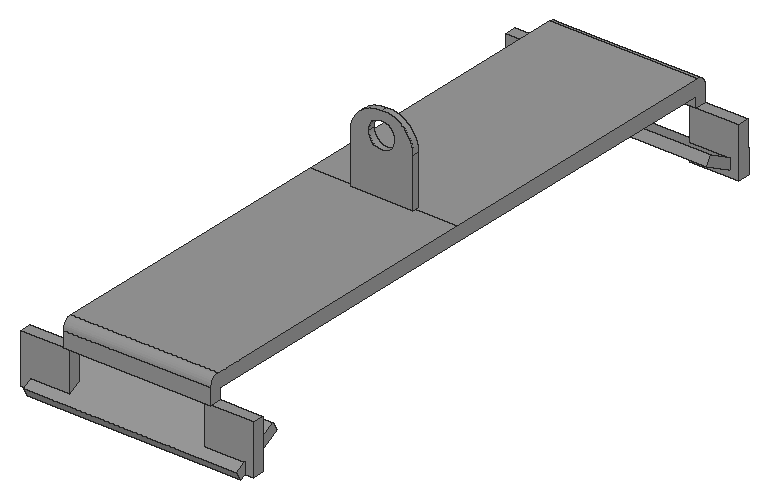
Revit family "Mounting Brackets PNR-05500", category Generic Models, Revit 2017 (continued)
Forms (mm)
  Extrusion 81, solid, material "Aluminum 7175 T73 0 Hot Formed" <- "Mounting_Material", visible <- "BT45-R"
    sketch origin (0, 85, -0.078) x (0, 1, 0) y (0, 0, 1)
      loop
        line (-116.447, 22.478) -> (-116.054, 21.554) -> (-116.054, 17.516) -> (-116.45, 16.565)
        arc (-116.45, 16.565) -> (-115.743, 15.334) -> (-114.323, 15.324) r 1.426
        line (-114.323, 15.324) -> (-112.316, 16.457) -> (-112.316, 19.29) -> (-114.392, 18.108)
        arc (-114.392, 18.108) -> (-114.937, 18.113) -> (-115.233, 18.572) r 0.575
        line (-115.233, 18.572) -> (-115.233, 21.978) -> (-85, 21.978) -> (-54.767, 21.978) -> (-54.767, 11.027)
    from -7.5 to 7.5
  Extrusion 82, solid, material "Aluminum 7175 T73 0 Hot Formed" <- "Mounting_Material", visible <- "BT60-R"
    sketch origin (0, 0, 48.581) x (0, 1, 0) y (0, 0, 1)
      loop
        line (30.233, -37.632) -> (31.23, -37.632) -> (30.835, -36.805) -> (30.835, -34.552) -> (31.23, -33.621) -> (31.23, -30.812) -> (30.835, -29.862) -> (30.835, -27.609) -> (31.229, -26.865) -> (51.053, -26.865)
        arc (51.053, -26.865) -> (51.914, -26.658) -> (52.589, -26.084) r 1.9
        line (52.589, -26.084) -> (60.792, -17.377) -> (59.701, -16.348) -> (51.378, -25.181) -> (48.669, -25.181) -> (47.832, -25.405) -> (45.538, -25.405) -> (44.701, -25.181) -> (42.406, -25.181) -> (41.57, -25.405) -> (39.275, -25.405) -> (38.439, -25.181) -> (36.144, -25.181) -> (35.307, -25.405) -> (33.013, -25.405) -> (32.176, -25.181) -> (29.882, -25.181) -> (29.045, -25.405) -> (26.751, -25.405) -> (25.914, -25.181) -> (23.62, -25.181) -> (22.783, -25.405) -> (20.488, -25.405) -> (19.652, -25.181) -> (17.357, -25.181) -> (16.52, -25.405) -> (14.226, -25.405) -> (13.389, -25.181) -> (11.095, -25.181) -> (10.258, -25.405) -> (7.964, -25.405) -> (7.127, -25.181) -> (4.833, -25.181) -> (3.996, -25.405) -> (1.701, -25.405) -> (0.865, -25.181) -> (-1.43, -25.181) -> (-2.267, -25.405) -> (-4.561, -25.405) -> (-5.398, -25.181) -> (-7.692, -25.181) -> (-8.529, -25.405) -> (-10.823, -25.405) -> (-11.66, -25.181) -> (-13.954, -25.181) -> (-14.791, -25.405) -> (-17.086, -25.405) -> (-17.922, -25.181) -> (-20.217, -25.181) -> (-21.053, -25.405) -> (-23.348, -25.405) -> (-24.185, -25.181) -> (-26.479, -25.181) -> (-27.316, -25.405) -> (-29.61, -25.405) -> (-30.447, -25.181)
        arc (-30.447, -25.181) -> (-31.154, -25.474) -> (-31.447, -26.181) r 1
        line (-31.447, -26.181) -> (-31.054, -27.106) -> (-31.054, -31.143) -> (-31.45, -32.094)
        arc (-31.45, -32.094) -> (-30.743, -33.325) -> (-29.323, -33.336) r 1.426
        line (-29.323, -33.336) -> (-27.316, -32.203) -> (-27.316, -29.37) -> (-29.392, -30.552)
        arc (-29.392, -30.552) -> (-29.937, -30.546) -> (-30.233, -30.087) r 0.575
        line (-30.233, -30.087) -> (-30.233, -26.681) -> (0, -26.681) -> (30.233, -26.681) -> (30.233, -37.632)
    from -7.5 to 7.5
  Extrusion 83, solid, visible <- "Pendulum Visiblity"
    sketch origin (0, 0, 21.9) x (1, 0, 0) y (0, 1, 0)
      loop
        circle (0, 0) r 1.031
    from 9.1 to 259.1
Lines and regions (mm)
  model lines, visible <- "B3-CR", not visible
    curve 1: circle (0, 0, 24.103) r 5.795 normal (0, 0, 1)
    curve 2: circle (0, 0, 24.103) r 5 normal (0, 0, 1)
    curve 3: circle (0, 0, 24.103) r 2.19 normal (0, 0, 1)
    curve 4: circle (0, 0, 24.103) r 5.795 normal (0, 0, 1)
    curve 5: circle (0, 0, 24.103) r 5 normal (0, 0, 1)
    curve 6: circle (0, 0, 24.103) r 2.19 normal (0, 0, 1)
    curve 7: circle (0, 0, 24.103) r 5.795 normal (0, 0, 1)
    curve 8: circle (0, 0, 24.103) r 5 normal (0, 0, 1)
    curve 9: circle (0, 0, 24.103) r 2.19 normal (0, 0, 1)
    curve 10: circle (0, 0, 24.103) r 5.795 normal (0, 0, 1)
    curve 11: circle (0, 0, 24.103) r 5 normal (0, 0, 1)
    curve 12: circle (0, 0, 24.103) r 2.19 normal (0, 0, 1)
  model lines, visible <- "61-B3-CR", not visible
    curve 13: circle (-0.121, 0, 31.139) r 5.795 normal (0, 0, 1)
    curve 14: circle (-0.121, 0, 31.139) r 5 normal (0, 0, 1)
    curve 15: circle (-0.121, 0, 31.139) r 2.19 normal (0, 0, 1)
  model lines, not visible
    curve 16: circle (0, 0, 71.106) r 5.795 normal (0, 0, 1)
    curve 17: circle (0, 0, 71.106) r 5 normal (0, 0, 1)
    curve 18: circle (0, 0, 71.106) r 2.19 normal (0, 0, 1)
  model lines, visible <- "61-B3-CR"
    curve 19: circle (-0.121, 0, 31.096) r 5.795 normal (0, 0, 1)
    curve 20: circle (-0.121, 0, 31.096) r 5 normal (0, 0, 1)
    curve 21: circle (-0.121, 0, 31.096) r 2.19 normal (0, 0, 1)
  model lines, visible <- "B3-CR"
    curve 22: circle (0, 0, 24.025) r 5.795 normal (0, 0, 1)
    curve 23: circle (0, 0, 24.025) r 5 normal (0, 0, 1)
    curve 24: circle (0, 0, 24.025) r 2.19 normal (0, 0, 1)
    curve 25: circle (0, 0, 24.025) r 5.795 normal (0, 0, 1)
    curve 26: circle (0, 0, 24.025) r 5 normal (0, 0, 1)
    curve 27: circle (0, 0, 24.025) r 2.19 normal (0, 0, 1)
    curve 28: circle (0, 0, 24.025) r 5.795 normal (0, 0, 1)
    curve 29: circle (0, 0, 24.025) r 5 normal (0, 0, 1)
    curve 30: circle (0, 0, 24.025) r 2.19 normal (0, 0, 1)
    curve 31: circle (0, 0, 24.025) r 5.795 normal (0, 0, 1)
    curve 32: circle (0, 0, 24.025) r 5 normal (0, 0, 1)
    curve 33: circle (0, 0, 24.025) r 2.19 normal (0, 0, 1)
Dimensions and locks
  Extrusion 35 to Extrusion 35 = 15 mm
  Extrusion 42 to Extrusion 42 = 15 mm
  Extrusion 43 sketch curve to Extrusion 44 = 10.142 mm
  Extrusion 43 to Extrusion 43 = 15 mm
  Extrusion 44 to Extrusion 44 = 15 mm
  Extrusion 45 to Extrusion 45 = 15 mm
  Extrusion 46 sketch curve to Extrusion 46 sketch curve = 24.935 mm
  Extrusion 46 to Extrusion 46 = 15 mm
  Extrusion 47 to Extrusion 47 = 15 mm
  Extrusion 49 to Extrusion 49 = 15 mm
  Extrusion 50 to Extrusion 50 = 15 mm
  locked: Extrusion 55 to Extrusion 55 at 5  (x2)
  locked: Extrusion 57 to Extrusion 57 at 5  (x2)
  locked: Extrusion 65 to Extrusion 65 at 5  (x2)
  locked: Extrusion 67 to Extrusion 67 at 5  (x2)
  "Pendulum Start": Extrusion 83 to plane 2
  "Pendulum Height": Extrusion 83 to Extrusion 83
  aligned and locked: level to plane 2
  aligned and locked: Extrusion 74 to Extrusion 73
Automatic sketch dimensions
  Extrusion 35 sketch curve to plane 1 "Center (Front/Back)" = 0 mm  (x2)
  plane 1 "Center (Front/Back)" to Extrusion 35 sketch curve = 30.233 mm
  Extrusion 35 sketch curve to Extrusion 35 sketch curve = 0.214 mm  (x2)
  Extrusion 35 sketch curve to Extrusion 35 sketch curve = 1.214 mm  (x2)
  Extrusion 35 sketch curve to plane 1 "Center (Front/Back)" = 30.233 mm
  level to Extrusion 35 sketch curve = 20.827 mm  (x2)
  Extrusion 35 sketch curve to Extrusion 35 sketch curve = 1.073 mm
  Extrusion 35 sketch curve to Extrusion 35 sketch curve = 0.5 mm
  Extrusion 36 sketch curve to plane 3 "Center (Left/Right)" = 11.875 mm
  Extrusion 36 sketch curve to Extrusion 36 sketch curve = 5 mm  (x2)
  plane 3 "Center (Left/Right)" to Extrusion 36 sketch curve = 6.875 mm
  level to Extrusion 36 sketch curve = 15.769 mm
  Extrusion 36 sketch curve to Extrusion 36 sketch curve = 0.004 mm
  Extrusion 36 sketch curve to Extrusion 36 sketch curve = 5.058 mm
  Extrusion 36 sketch curve to Extrusion 36 sketch curve = 5.054 mm
  plane 1 "Center (Front/Back)" to Extrusion 37 sketch curve = 32.399 mm
  level to Extrusion 37 sketch curve = 16.354 mm
  Extrusion 37 sketch curve to Extrusion 37 sketch curve = 0.683 mm  (x2)
  Extrusion 37 sketch curve to Extrusion 37 sketch curve = 3.677 mm
  Extrusion 38 sketch curve to plane 3 "Center (Left/Right)" = 11.875 mm
  Extrusion 38 sketch curve to Extrusion 38 sketch curve = 5 mm  (x2)
  plane 3 "Center (Left/Right)" to Extrusion 38 sketch curve = 6.875 mm
  level to Extrusion 38 sketch curve = 20.827 mm
  Extrusion 38 sketch curve to Extrusion 38 sketch curve = 0 mm
  Extrusion 38 sketch curve to Extrusion 38 sketch curve = 5.054 mm
  Extrusion 38 sketch curve to Extrusion 38 sketch curve = 5.058 mm
  plane 1 "Center (Front/Back)" to Extrusion 39 sketch curve = 32.399 mm
  Extrusion 39 sketch curve to level = 16.354 mm
  Extrusion 39 sketch curve to Extrusion 39 sketch curve = 0.683 mm  (x2)
  Extrusion 39 sketch curve to Extrusion 39 sketch curve = 3.677 mm
  Extrusion 40 sketch curve to plane 3 "Center (Left/Right)" = 0 mm  (x2)
  Extrusion 40 sketch curve to plane 3 "Center (Left/Right)" = 0.188 mm
  Extrusion 40 sketch curve to plane 3 "Center (Left/Right)" = 3.185 mm
  plane 3 "Center (Left/Right)" to Extrusion 40 sketch curve = 0.188 mm
  plane 3 "Center (Left/Right)" to Extrusion 40 sketch curve = 3.185 mm
  level to Extrusion 40 sketch curve = 23.4 mm
  Extrusion 40 sketch curve to Extrusion 40 sketch curve = 5 mm
  Extrusion 40 sketch curve to Extrusion 40 sketch curve = 0.752 mm
  plane 1 "Center (Front/Back)" to Extrusion 41 sketch curve = 0.65 mm
  Extrusion 41 sketch curve to plane 1 "Center (Front/Back)" = 0.65 mm
  Extrusion 41 sketch curve to plane 1 "Center (Front/Back)" = 25.582 mm
  Extrusion 41 sketch curve to Extrusion 41 sketch curve = 0.76 mm
  Extrusion 41 sketch curve to Extrusion 41 sketch curve = 3.97 mm
  Extrusion 41 sketch curve to Extrusion 41 sketch curve = 0.577 mm
  Extrusion 41 sketch curve to Extrusion 41 sketch curve = 0.938 mm  (x2)
  Extrusion 41 sketch curve to Extrusion 41 sketch curve = 0 mm
  Extrusion 41 sketch curve to Extrusion 41 sketch curve = 0.276 mm  (x4)
  level to Extrusion 41 sketch curve = 42.637 mm
  Extrusion 41 sketch curve to Extrusion 41 sketch curve = 0.981 mm
  Extrusion 41 sketch curve to Extrusion 41 sketch curve = 0.759 mm  (x6)
  Extrusion 41 sketch curve to Extrusion 41 sketch curve = 2.455 mm  (x3)
  Extrusion 41 sketch curve to Extrusion 41 sketch curve = 2.021 mm  (x2)
  Extrusion 41 sketch curve to Extrusion 41 sketch curve = 0.985 mm
  Extrusion 41 sketch curve to Extrusion 41 sketch curve = 1.03 mm
  Extrusion 41 sketch curve to Extrusion 41 sketch curve = 56.603 mm
  Extrusion 41 sketch curve to Extrusion 41 sketch curve = 0.469 mm
  Extrusion 41 sketch curve to Extrusion 41 sketch curve = 9.857 mm
  plane 1 "Center (Front/Back)" to Extrusion 42 sketch curve = 3.728 mm
  Extrusion 42 sketch curve to Extrusion 42 sketch curve = 0.814 mm
  Extrusion 42 sketch curve to Extrusion 42 sketch curve = 0.969 mm
  Extrusion 42 sketch curve to Extrusion 42 sketch curve = 0 mm  (x2)
  Extrusion 42 sketch curve to Extrusion 42 sketch curve = 0.766 mm
  Extrusion 42 sketch curve to plane 1 "Center (Front/Back)" = 2.971 mm
  Extrusion 42 sketch curve to Extrusion 42 sketch curve = 0.812 mm
  Extrusion 42 sketch curve to Extrusion 42 sketch curve = 0.768 mm
  Extrusion 42 sketch curve to Extrusion 42 sketch curve = 1.053 mm
  Extrusion 42 sketch curve to plane 1 "Center (Front/Back)" = 25.582 mm
  Extrusion 42 sketch curve to Extrusion 42 sketch curve = 0.76 mm
  Extrusion 42 sketch curve to Extrusion 42 sketch curve = 3.97 mm
  Extrusion 42 sketch curve to Extrusion 42 sketch curve = 0.577 mm
  Extrusion 42 sketch curve to Extrusion 42 sketch curve = 0.938 mm  (x2)
  Extrusion 42 sketch curve to Extrusion 42 sketch curve = 0.276 mm  (x4)
  level to Extrusion 42 sketch curve = 42.637 mm
  Extrusion 42 sketch curve to Extrusion 42 sketch curve = 0.981 mm
  Extrusion 42 sketch curve to Extrusion 42 sketch curve = 0.759 mm  (x6)
  Extrusion 42 sketch curve to Extrusion 42 sketch curve = 2.455 mm  (x3)
  Extrusion 42 sketch curve to Extrusion 42 sketch curve = 2.021 mm  (x2)
  Extrusion 42 sketch curve to Extrusion 42 sketch curve = 0.985 mm
  Extrusion 42 sketch curve to Extrusion 42 sketch curve = 1.03 mm
  Extrusion 42 sketch curve to Extrusion 42 sketch curve = 44.781 mm
  Extrusion 42 sketch curve to Extrusion 42 sketch curve = 1.461 mm
  Extrusion 42 sketch curve to Extrusion 42 sketch curve = 0.031 mm
  Extrusion 42 sketch curve to Extrusion 42 sketch curve = 0.205 mm
  Extrusion 42 sketch curve to Extrusion 42 sketch curve = 0.217 mm
  plane 1 "Center (Front/Back)" to Extrusion 43 sketch curve = 3.8 mm
  Extrusion 43 sketch curve to Extrusion 43 sketch curve = 0.814 mm
  Extrusion 43 sketch curve to Extrusion 43 sketch curve = 0.969 mm
  Extrusion 43 sketch curve to Extrusion 43 sketch curve = 0 mm  (x2)
  Extrusion 43 sketch curve to Extrusion 43 sketch curve = 0.766 mm
  Extrusion 43 sketch curve to plane 1 "Center (Front/Back)" = 2.253 mm
  Extrusion 43 sketch curve to Extrusion 43 sketch curve = 0.812 mm
  Extrusion 43 sketch curve to Extrusion 43 sketch curve = 0.877 mm
  Extrusion 43 sketch curve to Extrusion 43 sketch curve = 1.129 mm
  Extrusion 43 sketch curve to plane 1 "Center (Front/Back)" = 18.322 mm
  Extrusion 43 sketch curve to Extrusion 43 sketch curve = 0.76 mm
  Extrusion 43 sketch curve to Extrusion 43 sketch curve = 3.97 mm
  Extrusion 43 sketch curve to Extrusion 43 sketch curve = 0.577 mm
  Extrusion 43 sketch curve to Extrusion 43 sketch curve = 0.938 mm  (x2)
  Extrusion 43 sketch curve to Extrusion 43 sketch curve = 0.276 mm  (x4)
  level to Extrusion 43 sketch curve = 62.624 mm
  Extrusion 43 sketch curve to Extrusion 43 sketch curve = 0.981 mm
  Extrusion 43 sketch curve to Extrusion 43 sketch curve = 0.759 mm  (x6)
  Extrusion 43 sketch curve to Extrusion 43 sketch curve = 2.455 mm  (x3)
  Extrusion 43 sketch curve to Extrusion 43 sketch curve = 2.021 mm  (x2)
  Extrusion 43 sketch curve to Extrusion 43 sketch curve = 0.985 mm
  Extrusion 43 sketch curve to Extrusion 43 sketch curve = 1.03 mm
  Extrusion 43 sketch curve to Extrusion 43 sketch curve = 21.031 mm
  Extrusion 43 sketch curve to Extrusion 43 sketch curve = 1.461 mm
  Extrusion 43 sketch curve to Extrusion 43 sketch curve = 0.031 mm
  Extrusion 43 sketch curve to Extrusion 43 sketch curve = 0.205 mm
  Extrusion 43 sketch curve to Extrusion 43 sketch curve = 0.217 mm
  plane 1 "Center (Front/Back)" to Extrusion 44 sketch curve = 24.231 mm
  Extrusion 44 sketch curve to Extrusion 44 sketch curve = 0.78 mm
  Extrusion 44 sketch curve to Extrusion 44 sketch curve = 0.398 mm
  Extrusion 44 sketch curve to Extrusion 44 sketch curve = 1.41 mm
  Extrusion 44 sketch curve to Extrusion 44 sketch curve = 3.97 mm
  Extrusion 44 sketch curve to Extrusion 44 sketch curve = 0.76 mm
  plane 1 "Center (Front/Back)" to Extrusion 44 sketch curve = 5.071 mm
  Extrusion 44 sketch curve to Extrusion 44 sketch curve = 0.008 mm
  Extrusion 44 sketch curve to Extrusion 44 sketch curve = 1.185 mm
  Extrusion 44 sketch curve to Extrusion 44 sketch curve = 1.055 mm
  Extrusion 44 sketch curve to Extrusion 44 sketch curve = 1.187 mm
  Extrusion 44 sketch curve to Extrusion 44 sketch curve = 0.971 mm
  Extrusion 44 sketch curve to Extrusion 44 sketch curve = 0.839 mm
  level to Extrusion 44 sketch curve = 74.85 mm
  Extrusion 44 sketch curve to Extrusion 44 sketch curve = 1.371 mm
  Extrusion 44 sketch curve to Extrusion 44 sketch curve = 4.329 mm
  Extrusion 44 sketch curve to Extrusion 44 sketch curve = 0.887 mm
  Extrusion 44 sketch curve to Extrusion 44 sketch curve = 20.399 mm
  Extrusion 44 sketch curve to Extrusion 44 sketch curve = 0.538 mm
  Extrusion 44 sketch curve to Extrusion 44 sketch curve = 1.412 mm
  Extrusion 44 sketch curve to Extrusion 44 sketch curve = 0.952 mm
  Extrusion 44 sketch curve to Extrusion 44 sketch curve = 0.97 mm
  Extrusion 44 sketch curve to Extrusion 44 sketch curve = 0.26 mm
  Extrusion 44 sketch curve to Extrusion 44 sketch curve = 1.088 mm
  Extrusion 45 sketch curve to plane 1 "Center (Front/Back)" = 0 mm
  plane 1 "Center (Front/Back)" to Extrusion 45 sketch curve = 0.652 mm
  Extrusion 45 sketch curve to Extrusion 45 sketch curve = 1.615 mm
  Extrusion 45 sketch curve to Extrusion 45 sketch curve = 2.266 mm  (x2)
  Extrusion 45 sketch curve to Extrusion 45 sketch curve = 1.684 mm  (x4)
  Extrusion 45 sketch curve to plane 1 "Center (Front/Back)" = 0.73 mm
  Extrusion 45 sketch curve to plane 1 "Center (Front/Back)" = 2.267 mm
  level to Extrusion 45 sketch curve = 45.633 mm
  Extrusion 45 sketch curve to Extrusion 45 sketch curve = 2.747 mm  (x2)
  Extrusion 45 sketch curve to Extrusion 45 sketch curve = 2.01 mm  (x2)
  Extrusion 45 sketch curve to Extrusion 45 sketch curve = 1.29 mm
  Extrusion 45 sketch curve to Extrusion 45 sketch curve = 0.066 mm
  Extrusion 45 sketch curve to Extrusion 45 sketch curve = 15.075 mm
  Extrusion 46 sketch curve to plane 1 "Center (Front/Back)" = 0 mm
  plane 1 "Center (Front/Back)" to Extrusion 46 sketch curve = 2.037 mm
  Extrusion 46 sketch curve to Extrusion 46 sketch curve = 2.496 mm
  plane 1 "Center (Front/Back)" to Extrusion 46 sketch curve = 4.773 mm
  Extrusion 46 sketch curve to Extrusion 46 sketch curve = 1.684 mm  (x4)
  Extrusion 46 sketch curve to Extrusion 46 sketch curve = 1.445 mm
  Extrusion 46 sketch curve to Extrusion 46 sketch curve = 6.25 mm
  Extrusion 46 sketch curve to plane 1 "Center (Front/Back)" = 2.045 mm
  Extrusion 46 sketch curve to Extrusion 46 sketch curve = 2.488 mm
  Extrusion 46 sketch curve to plane 1 "Center (Front/Back)" = 10.718 mm
  Extrusion 46 sketch curve to Extrusion 46 sketch curve = 1.749 mm
  level to Extrusion 46 sketch curve = 45.633 mm
  Extrusion 46 sketch curve to Extrusion 46 sketch curve = 2.747 mm  (x2)
  Extrusion 46 sketch curve to Extrusion 46 sketch curve = 2.046 mm  (x2)
  Extrusion 46 sketch curve to Extrusion 46 sketch curve = 1.567 mm
  Extrusion 46 sketch curve to Extrusion 46 sketch curve = 55.013 mm
  Extrusion 46 sketch curve to Extrusion 46 sketch curve = 1.986 mm
  Extrusion 46 sketch curve to Extrusion 46 sketch curve = 1.435 mm
  Extrusion 47 sketch curve to plane 1 "Center (Front/Back)" = 0 mm
  plane 1 "Center (Front/Back)" to Extrusion 47 sketch curve = 1.256 mm
  plane 1 "Center (Front/Back)" to Extrusion 47 sketch curve = 2.267 mm
  Extrusion 47 sketch curve to Extrusion 47 sketch curve = 2.266 mm  (x2)
  Extrusion 47 sketch curve to Extrusion 47 sketch curve = 1.684 mm  (x4)
  Extrusion 47 sketch curve to plane 1 "Center (Front/Back)" = 1.256 mm
  Extrusion 47 sketch curve to Extrusion 47 sketch curve = 1.012 mm
  level to Extrusion 47 sketch curve = 45.633 mm
  Extrusion 47 sketch curve to Extrusion 47 sketch curve = 2.747 mm  (x2)
  Extrusion 47 sketch curve to Extrusion 47 sketch curve = 0.839 mm  (x2)
  Extrusion 47 sketch curve to Extrusion 47 sketch curve = 1.205 mm
  Revolve 48 sketch curve to plane 1 "Center (Front/Back)" = 0 mm  (x2)
  Revolve 48 sketch curve to plane 1 "Center (Front/Back)" = 1.27 mm
  Revolve 48 sketch curve to plane 1 "Center (Front/Back)" = 2.267 mm
  level to Revolve 48 sketch curve = 52.109 mm
  Revolve 48 sketch curve to Revolve 48 sketch curve = 37.216 mm
  Revolve 48 sketch curve to Revolve 48 sketch curve = 5.295 mm
  Revolve 48 sketch curve to Revolve 48 sketch curve = 17.36 mm
  Revolve 48 sketch curve to Revolve 48 sketch curve = 4.577 mm
  Extrusion 49 sketch curve to plane 1 "Center (Front/Back)" = 0 mm  (x2)
  plane 1 "Center (Front/Back)" to Extrusion 49 sketch curve = 2.471 mm
  Extrusion 49 sketch curve to Extrusion 49 sketch curve = 0.314 mm  (x2)
  Extrusion 49 sketch curve to Extrusion 49 sketch curve = 0.257 mm  (x2)
  Extrusion 49 sketch curve to Extrusion 49 sketch curve = 0.586 mm  (x2)
  Extrusion 49 sketch curve to Extrusion 49 sketch curve = 0.344 mm  (x2)
  Extrusion 49 sketch curve to Extrusion 49 sketch curve = 0.282 mm  (x2)
  Extrusion 49 sketch curve to Extrusion 49 sketch curve = 1.057 mm  (x2)
  Extrusion 49 sketch curve to Extrusion 49 sketch curve = 2.03 mm
  Extrusion 49 sketch curve to Extrusion 49 sketch curve = 0.598 mm  (x4)
  Extrusion 49 sketch curve to Extrusion 49 sketch curve = 0.56 mm  (x2)
  Extrusion 49 sketch curve to plane 1 "Center (Front/Back)" = 2.471 mm
  Extrusion 49 sketch curve to Extrusion 49 sketch curve = 5.087 mm
  level to Extrusion 49 sketch curve = 46.687 mm
  Extrusion 49 sketch curve to Extrusion 49 sketch curve = 0.18 mm
  Extrusion 49 sketch curve to Extrusion 49 sketch curve = 2.187 mm  (x2)
  Extrusion 49 sketch curve to Extrusion 49 sketch curve = 0.912 mm  (x2)
  Extrusion 49 sketch curve to Extrusion 49 sketch curve = 5.235 mm  (x2)
  Extrusion 49 sketch curve to Extrusion 49 sketch curve = 0.542 mm  (x2)
  Extrusion 49 sketch curve to Extrusion 49 sketch curve = 13.581 mm
  Extrusion 49 sketch curve to Extrusion 49 sketch curve = 0.582 mm
  Extrusion 50 sketch curve to plane 1 "Center (Front/Back)" = 0 mm  (x2)
  plane 1 "Center (Front/Back)" to Extrusion 50 sketch curve = 2.471 mm
  Extrusion 50 sketch curve to Extrusion 50 sketch curve = 0.314 mm  (x2)
  Extrusion 50 sketch curve to Extrusion 50 sketch curve = 0.257 mm  (x2)
  Extrusion 50 sketch curve to Extrusion 50 sketch curve = 0.586 mm  (x2)
  Extrusion 50 sketch curve to Extrusion 50 sketch curve = 0.344 mm  (x2)
  Extrusion 50 sketch curve to Extrusion 50 sketch curve = 0.282 mm  (x2)
  Extrusion 50 sketch curve to Extrusion 50 sketch curve = 1.057 mm  (x2)
  Extrusion 50 sketch curve to Extrusion 50 sketch curve = 2.03 mm
  Extrusion 50 sketch curve to Extrusion 50 sketch curve = 0.598 mm  (x4)
  Extrusion 50 sketch curve to Extrusion 50 sketch curve = 0.56 mm  (x2)
  Extrusion 50 sketch curve to plane 1 "Center (Front/Back)" = 2.471 mm
  Extrusion 50 sketch curve to Extrusion 50 sketch curve = 5.087 mm
  level to Extrusion 50 sketch curve = 46.687 mm
  Extrusion 50 sketch curve to Extrusion 50 sketch curve = 0.18 mm
  Extrusion 50 sketch curve to Extrusion 50 sketch curve = 2.187 mm  (x2)
  Extrusion 50 sketch curve to Extrusion 50 sketch curve = 0.912 mm  (x2)
  Extrusion 50 sketch curve to Extrusion 50 sketch curve = 5.235 mm  (x2)
  Extrusion 50 sketch curve to Extrusion 50 sketch curve = 0.542 mm  (x2)
  Extrusion 50 sketch curve to Extrusion 50 sketch curve = 13.581 mm
  Extrusion 50 sketch curve to Extrusion 50 sketch curve = 0.582 mm
  Extrusion 51 sketch curve to plane 3 "Center (Left/Right)" = 0 mm  (x2)
  Extrusion 51 sketch curve to plane 3 "Center (Left/Right)" = 1.182 mm
  Extrusion 51 sketch curve to plane 3 "Center (Left/Right)" = 6.497 mm
  Extrusion 51 sketch curve to Extrusion 51 sketch curve = 2.311 mm  (x2)
  plane 3 "Center (Left/Right)" to Extrusion 51 sketch curve = 1.45 mm
  Extrusion 51 sketch curve to Extrusion 51 sketch curve = 6.497 mm
  plane 1 "Center (Front/Back)" to Extrusion 51 sketch curve = 15.775 mm
  Extrusion 51 sketch curve to Extrusion 51 sketch curve = 3.164 mm  (x2)
  Extrusion 51 sketch curve to Extrusion 51 sketch curve = 2.439 mm
  plane 1 "Center (Front/Back)" to Extrusion 51 sketch curve = 5.085 mm  (x2)
  Extrusion 51 sketch curve to plane 1 "Center (Front/Back)" = 5.085 mm  (x2)
  Extrusion 51 sketch curve to Extrusion 51 sketch curve = 5.085 mm
  Extrusion 51 sketch curve to Extrusion 51 sketch curve = 2.408 mm
  plane 1 "Center (Front/Back)" to Extrusion 52 sketch curve = 14.194 mm
  plane 1 "Center (Front/Back)" to Extrusion 52 sketch curve = 15.776 mm
  Extrusion 52 sketch curve to Extrusion 52 sketch curve = 2.74 mm
  plane 1 "Center (Front/Back)" to Extrusion 52 sketch curve = 12.612 mm
  Extrusion 52 sketch curve to Extrusion 52 sketch curve = 0 mm
  Extrusion 52 sketch curve to Extrusion 52 sketch curve = 7.463 mm
  Extrusion 53 sketch curve to plane 1 "Center (Front/Back)" = 14.135 mm
  Extrusion 53 sketch curve to plane 1 "Center (Front/Back)" = 12.553 mm
  Extrusion 53 sketch curve to Extrusion 53 sketch curve = 2.74 mm  (x2)
  Extrusion 53 sketch curve to plane 1 "Center (Front/Back)" = 15.717 mm
  Extrusion 53 sketch curve to Extrusion 53 sketch curve = 7.463 mm
  Extrusion 54 sketch curve to plane 1 "Center (Front/Back)" = 0 mm  (x4)
  Extrusion 54 sketch curve to Extrusion 54 sketch curve = 17.172 mm
  Extrusion 54 sketch curve to Extrusion 54 sketch curve = 0.979 mm  (x2)
  Extrusion 54 sketch curve to Extrusion 54 sketch curve = 3.876 mm  (x2)
  Extrusion 54 sketch curve to Extrusion 54 sketch curve = 1.941 mm  (x2)
  Extrusion 54 sketch curve to Extrusion 54 sketch curve = 7.244 mm  (x2)
  Extrusion 54 sketch curve to Extrusion 54 sketch curve = 0.214 mm  (x2)
  Extrusion 54 sketch curve to Extrusion 54 sketch curve = 1 mm
  Extrusion 54 sketch curve to plane 1 "Center (Front/Back)" = 17.172 mm
  Extrusion 54 sketch curve to Extrusion 54 sketch curve = 1.214 mm
  level to Extrusion 54 sketch curve = 20.862 mm  (x2)
  level to Extrusion 54 sketch curve = 21.9 mm
  Extrusion 54 sketch curve to Extrusion 54 sketch curve = 1.374 mm
  Extrusion 54 sketch curve to Extrusion 54 sketch curve = 5.536 mm
  Extrusion 54 sketch curve to Extrusion 54 sketch curve = 7.948 mm  (x2)
  Extrusion 54 sketch curve to Extrusion 54 sketch curve = 0.5 mm
  Extrusion 55 sketch curve to plane 3 "Center (Left/Right)" = 15 mm
  Extrusion 55 sketch curve to Extrusion 55 sketch curve = 5 mm  (x2)
  plane 3 "Center (Left/Right)" to Extrusion 55 sketch curve = 10 mm
  level to Extrusion 55 sketch curve = 15.804 mm
  level to Extrusion 55 sketch curve = 15.808 mm
  Extrusion 55 sketch curve to Extrusion 55 sketch curve = 4.019 mm
  Extrusion 55 sketch curve to Extrusion 55 sketch curve = 4.015 mm
  plane 1 "Center (Front/Back)" to Extrusion 56 sketch curve = 32.399 mm
  level to Extrusion 56 sketch curve = 16.388 mm
  Extrusion 56 sketch curve to Extrusion 56 sketch curve = 0.683 mm  (x2)
  Extrusion 56 sketch curve to Extrusion 56 sketch curve = 3.677 mm
  Extrusion 57 sketch curve to plane 3 "Center (Left/Right)" = 15 mm
  Extrusion 57 sketch curve to Extrusion 57 sketch curve = 5 mm  (x2)
  plane 3 "Center (Left/Right)" to Extrusion 57 sketch curve = 10 mm
  level to Extrusion 57 sketch curve = 19.823 mm  (x2)
  Extrusion 57 sketch curve to Extrusion 57 sketch curve = 4.015 mm
  Extrusion 57 sketch curve to Extrusion 57 sketch curve = 4.019 mm
  plane 1 "Center (Front/Back)" to Extrusion 58 sketch curve = 32.399 mm
  Extrusion 58 sketch curve to level = 16.388 mm
  Extrusion 58 sketch curve to Extrusion 58 sketch curve = 0.683 mm  (x2)
  Extrusion 58 sketch curve to Extrusion 58 sketch curve = 3.677 mm
  Extrusion 59 sketch curve to plane 3 "Center (Left/Right)" = 0 mm
  Extrusion 59 sketch curve to plane 3 "Center (Left/Right)" = 7.5 mm
  Extrusion 59 sketch curve to plane 3 "Center (Left/Right)" = 7.648 mm
  Extrusion 59 sketch curve to Extrusion 59 sketch curve = 2.5 mm  (x2)
  Extrusion 59 sketch curve to Extrusion 59 sketch curve = 5 mm  (x2)
  plane 3 "Center (Left/Right)" to Extrusion 59 sketch curve = 7.5 mm
  plane 3 "Center (Left/Right)" to Extrusion 59 sketch curve = 7.648 mm
  level to Extrusion 59 sketch curve = 12.698 mm  (x2)
  Extrusion 59 sketch curve to Extrusion 59 sketch curve = 7.125 mm
  Extrusion 59 sketch curve to Extrusion 59 sketch curve = 0.829 mm
  Extrusion 60 sketch curve to plane 3 "Center (Left/Right)" = 0 mm
  Extrusion 60 sketch curve to plane 3 "Center (Left/Right)" = 7.5 mm
  Extrusion 60 sketch curve to plane 3 "Center (Left/Right)" = 7.648 mm
  Extrusion 60 sketch curve to Extrusion 60 sketch curve = 2.5 mm  (x2)
  Extrusion 60 sketch curve to Extrusion 60 sketch curve = 5 mm  (x2)
  Extrusion 60 sketch curve to Extrusion 60 sketch curve = 7.5 mm
  plane 3 "Center (Left/Right)" to Extrusion 60 sketch curve = 7.648 mm
  level to Extrusion 60 sketch curve = 22.935 mm
  Extrusion 60 sketch curve to Extrusion 60 sketch curve = 2.283 mm
  Extrusion 60 sketch curve to Extrusion 60 sketch curve = 0.829 mm  (x2)
  Extrusion 61 sketch curve to plane 3 "Center (Left/Right)" = 8.929 mm
  Extrusion 61 sketch curve to Extrusion 61 sketch curve = 2.311 mm  (x2)
  Extrusion 61 sketch curve to plane 3 "Center (Left/Right)" = 1.303 mm
  Extrusion 61 sketch curve to plane 3 "Center (Left/Right)" = 0.121 mm  (x2)
  plane 3 "Center (Left/Right)" to Extrusion 61 sketch curve = 1.329 mm
  plane 3 "Center (Left/Right)" to Extrusion 61 sketch curve = 6.376 mm
  plane 1 "Center (Front/Back)" to Extrusion 61 sketch curve = 15.775 mm
  Extrusion 61 sketch curve to Extrusion 61 sketch curve = 3.164 mm  (x2)
  Extrusion 61 sketch curve to Extrusion 61 sketch curve = 2.439 mm
  plane 1 "Center (Front/Back)" to Extrusion 61 sketch curve = 5.085 mm  (x2)
  Extrusion 61 sketch curve to plane 1 "Center (Front/Back)" = 5.085 mm  (x2)
  Extrusion 61 sketch curve to Extrusion 61 sketch curve = 5.085 mm
  Extrusion 61 sketch curve to Extrusion 61 sketch curve = 2.408 mm
  plane 1 "Center (Front/Back)" to Extrusion 62 sketch curve = 14.194 mm
  plane 1 "Center (Front/Back)" to Extrusion 62 sketch curve = 15.776 mm
  Extrusion 62 sketch curve to Extrusion 62 sketch curve = 2.74 mm
  plane 1 "Center (Front/Back)" to Extrusion 62 sketch curve = 12.612 mm
  Extrusion 62 sketch curve to Extrusion 62 sketch curve = 0 mm
  Extrusion 62 sketch curve to Extrusion 62 sketch curve = 7.463 mm
  Extrusion 63 sketch curve to plane 1 "Center (Front/Back)" = 14.135 mm
  Extrusion 63 sketch curve to plane 1 "Center (Front/Back)" = 12.553 mm
  Extrusion 63 sketch curve to Extrusion 63 sketch curve = 2.74 mm  (x2)
  Extrusion 63 sketch curve to plane 1 "Center (Front/Back)" = 15.717 mm
  Extrusion 63 sketch curve to Extrusion 63 sketch curve = 7.463 mm
  Extrusion 64 sketch curve to plane 1 "Center (Front/Back)" = 0 mm  (x4)
  plane 1 "Center (Front/Back)" to Extrusion 64 sketch curve = 17.828 mm
  Extrusion 64 sketch curve to Extrusion 64 sketch curve = 0.979 mm  (x2)
  Extrusion 64 sketch curve to Extrusion 64 sketch curve = 3.22 mm  (x2)
  Extrusion 64 sketch curve to Extrusion 64 sketch curve = 1.941 mm  (x2)
  Extrusion 64 sketch curve to Extrusion 64 sketch curve = 7.244 mm  (x2)
  Extrusion 64 sketch curve to Extrusion 64 sketch curve = 0.214 mm  (x2)
  Extrusion 64 sketch curve to Extrusion 64 sketch curve = 1 mm
  Extrusion 64 sketch curve to Extrusion 64 sketch curve = 17.828 mm
  Extrusion 64 sketch curve to Extrusion 64 sketch curve = 1.214 mm
  level to Extrusion 64 sketch curve = 19.924 mm  (x2)
  level to Extrusion 64 sketch curve = 21.9 mm
  Extrusion 64 sketch curve to Extrusion 64 sketch curve = 1.374 mm
  Extrusion 64 sketch curve to Extrusion 64 sketch curve = 4.598 mm
  Extrusion 64 sketch curve to Extrusion 64 sketch curve = 7.948 mm  (x2)
  Extrusion 64 sketch curve to Extrusion 64 sketch curve = 0.5 mm
  Extrusion 65 sketch curve to plane 3 "Center (Left/Right)" = 15 mm
  Extrusion 65 sketch curve to Extrusion 65 sketch curve = 5 mm  (x2)
  plane 3 "Center (Left/Right)" to Extrusion 65 sketch curve = 10 mm
  level to Extrusion 65 sketch curve = 14.867 mm
  level to Extrusion 65 sketch curve = 14.87 mm
  Extrusion 65 sketch curve to Extrusion 65 sketch curve = 4.019 mm
  Extrusion 65 sketch curve to Extrusion 65 sketch curve = 4.015 mm
  level to Extrusion 66 sketch curve = 15.451 mm
  plane 1 "Center (Front/Back)" to Extrusion 66 sketch curve = 32.399 mm
  Extrusion 66 sketch curve to Extrusion 66 sketch curve = 0.683 mm  (x2)
  Extrusion 66 sketch curve to Extrusion 66 sketch curve = 3.677 mm
  Extrusion 67 sketch curve to plane 3 "Center (Left/Right)" = 15 mm
  Extrusion 67 sketch curve to Extrusion 67 sketch curve = 5 mm  (x2)
  plane 3 "Center (Left/Right)" to Extrusion 67 sketch curve = 10 mm
  level to Extrusion 67 sketch curve = 18.885 mm  (x2)
  Extrusion 67 sketch curve to Extrusion 67 sketch curve = 4.015 mm
  Extrusion 67 sketch curve to Extrusion 67 sketch curve = 4.019 mm
  Extrusion 68 sketch curve to level = 15.451 mm
  plane 1 "Center (Front/Back)" to Extrusion 68 sketch curve = 32.399 mm
  Extrusion 68 sketch curve to Extrusion 68 sketch curve = 0.683 mm  (x2)
  Extrusion 68 sketch curve to Extrusion 68 sketch curve = 3.677 mm
  Extrusion 69 sketch curve to plane 3 "Center (Left/Right)" = 0 mm
  Extrusion 69 sketch curve to plane 3 "Center (Left/Right)" = 7.5 mm
  Extrusion 69 sketch curve to plane 3 "Center (Left/Right)" = 7.648 mm
  Extrusion 69 sketch curve to Extrusion 69 sketch curve = 2.5 mm  (x2)
  Extrusion 69 sketch curve to Extrusion 69 sketch curve = 5 mm  (x2)
  plane 3 "Center (Left/Right)" to Extrusion 69 sketch curve = 7.5 mm
  plane 3 "Center (Left/Right)" to Extrusion 69 sketch curve = 7.648 mm
  level to Extrusion 69 sketch curve = 11.761 mm  (x2)
  Extrusion 69 sketch curve to Extrusion 69 sketch curve = 7.125 mm
  Extrusion 69 sketch curve to Extrusion 69 sketch curve = 0.829 mm
  Extrusion 70 sketch curve to plane 3 "Center (Left/Right)" = 0 mm
  Extrusion 70 sketch curve to plane 3 "Center (Left/Right)" = 7.5 mm
  Extrusion 70 sketch curve to plane 3 "Center (Left/Right)" = 7.648 mm
  Extrusion 70 sketch curve to Extrusion 70 sketch curve = 2.5 mm  (x2)
  Extrusion 70 sketch curve to Extrusion 70 sketch curve = 5 mm  (x2)
  plane 3 "Center (Left/Right)" to Extrusion 70 sketch curve = 7.5 mm
  plane 3 "Center (Left/Right)" to Extrusion 70 sketch curve = 7.648 mm
  level to Extrusion 70 sketch curve = 21.997 mm
  Extrusion 70 sketch curve to Extrusion 70 sketch curve = 2.283 mm
  Extrusion 70 sketch curve to Extrusion 70 sketch curve = 0.829 mm  (x2)
  Extrusion 71 sketch curve to plane 1 "Center (Front/Back)" = 0 mm
  plane 1 "Center (Front/Back)" to Extrusion 71 sketch curve = 0.76 mm
  Extrusion 71 sketch curve to Extrusion 71 sketch curve = 22.03 mm  (x2)
  Extrusion 71 sketch curve to Extrusion 71 sketch curve = 0.612 mm  (x4)
  Extrusion 71 sketch curve to Extrusion 71 sketch curve = 3.914 mm  (x2)
  Extrusion 71 sketch curve to Extrusion 71 sketch curve = 2.008 mm  (x2)
  Extrusion 71 sketch curve to Extrusion 71 sketch curve = 2.076 mm  (x2)
  Extrusion 71 sketch curve to Extrusion 71 sketch curve = 0.268 mm  (x2)
  Extrusion 71 sketch curve to Extrusion 71 sketch curve = 0.703 mm  (x2)
  Extrusion 71 sketch curve to Extrusion 71 sketch curve = 0.573 mm  (x2)
  Extrusion 71 sketch curve to Extrusion 71 sketch curve = 0.214 mm  (x2)
  Extrusion 71 sketch curve to Extrusion 71 sketch curve = 1.42 mm
  Extrusion 71 sketch curve to plane 1 "Center (Front/Back)" = 0.76 mm
  Extrusion 71 sketch curve to Extrusion 71 sketch curve = 1 mm
  level to Extrusion 71 sketch curve = 15.235 mm  (x2)
  Extrusion 71 sketch curve to Extrusion 71 sketch curve = 1.143 mm  (x2)
  Extrusion 71 sketch curve to Extrusion 71 sketch curve = 1.56 mm  (x2)
  Extrusion 71 sketch curve to Extrusion 71 sketch curve = 0.464 mm  (x2)
  Extrusion 71 sketch curve to Extrusion 71 sketch curve = 1.182 mm  (x2)
  Extrusion 71 sketch curve to Extrusion 71 sketch curve = 3.406 mm
  Extrusion 71 sketch curve to Extrusion 71 sketch curve = 0.5 mm  (x2)
  Extrusion 71 sketch curve to Extrusion 71 sketch curve = 16.972 mm
  Extrusion 72 sketch curve to plane 3 "Center (Left/Right)" = 2.148 mm
  Extrusion 72 sketch curve to plane 3 "Center (Left/Right)" = 1.018 mm  (x2)
  plane 3 "Center (Left/Right)" to Extrusion 72 sketch curve = 1.243 mm  (x2)
  Extrusion 72 sketch curve to Extrusion 72 sketch curve = 1.13 mm
  level to Extrusion 72 sketch curve = 14.389 mm
  Extrusion 72 sketch curve to Extrusion 72 sketch curve = 1.958 mm  (x3)
  Extrusion 73 sketch curve to plane 1 "Center (Front/Back)" = 0 mm  (x2)
  plane 1 "Center (Front/Back)" to Extrusion 73 sketch curve = 30.233 mm
  Extrusion 73 sketch curve to Extrusion 73 sketch curve = 0.214 mm  (x2)
  Extrusion 73 sketch curve to Extrusion 73 sketch curve = 0.938 mm  (x2)
  level to Extrusion 73 sketch curve = 14.922 mm
  Extrusion 73 sketch curve to Extrusion 73 sketch curve = 0.276 mm  (x3)
  level to Extrusion 73 sketch curve = 10.949 mm
  Extrusion 73 sketch curve to plane 1 "Center (Front/Back)" = 27.316 mm
  Extrusion 73 sketch curve to Extrusion 73 sketch curve = 2.008 mm
  Extrusion 73 sketch curve to Extrusion 73 sketch curve = 2.076 mm
  Extrusion 73 sketch curve to Extrusion 73 sketch curve = 0.268 mm
  Extrusion 73 sketch curve to Extrusion 73 sketch curve = 0.703 mm
  Extrusion 73 sketch curve to Extrusion 73 sketch curve = 0.573 mm
  Extrusion 73 sketch curve to Extrusion 73 sketch curve = 1 mm
  Extrusion 73 sketch curve to Extrusion 73 sketch curve = 0.759 mm  (x4)
  level to Extrusion 73 sketch curve = 15.235 mm
  Extrusion 73 sketch curve to Extrusion 73 sketch curve = 1.143 mm
  Extrusion 73 sketch curve to Extrusion 73 sketch curve = 2.021 mm
  Extrusion 73 sketch curve to Extrusion 73 sketch curve = 1.56 mm
  Extrusion 73 sketch curve to Extrusion 73 sketch curve = 0.464 mm
  Extrusion 73 sketch curve to Extrusion 73 sketch curve = 1.182 mm
  Extrusion 73 sketch curve to Extrusion 73 sketch curve = 2.455 mm
  Extrusion 73 sketch curve to Extrusion 73 sketch curve = 3.406 mm
  Extrusion 73 sketch curve to Extrusion 73 sketch curve = 0.5 mm
  Extrusion 74 sketch curve to plane 3 "Center (Left/Right)" = 0 mm  (x2)
  Extrusion 74 sketch curve to plane 3 "Center (Left/Right)" = 1.182 mm
  Extrusion 74 sketch curve to plane 3 "Center (Left/Right)" = 6.497 mm
  Extrusion 74 sketch curve to Extrusion 74 sketch curve = 2.311 mm  (x2)
  plane 3 "Center (Left/Right)" to Extrusion 74 sketch curve = 1.45 mm
  Extrusion 74 sketch curve to Extrusion 74 sketch curve = 6.497 mm
  plane 1 "Center (Front/Back)" to Extrusion 74 sketch curve = 15.775 mm
  Extrusion 74 sketch curve to Extrusion 74 sketch curve = 3.164 mm  (x2)
  Extrusion 74 sketch curve to Extrusion 74 sketch curve = 2.439 mm
  plane 1 "Center (Front/Back)" to Extrusion 74 sketch curve = 5.085 mm  (x2)
  Extrusion 74 sketch curve to plane 1 "Center (Front/Back)" = 5.085 mm  (x2)
  Extrusion 74 sketch curve to Extrusion 74 sketch curve = 5.085 mm
  Extrusion 74 sketch curve to Extrusion 74 sketch curve = 2.408 mm
  plane 1 "Center (Front/Back)" to Extrusion 75 sketch curve = 14.194 mm
  plane 1 "Center (Front/Back)" to Extrusion 75 sketch curve = 15.776 mm
  Extrusion 75 sketch curve to Extrusion 75 sketch curve = 2.74 mm
  plane 1 "Center (Front/Back)" to Extrusion 75 sketch curve = 12.612 mm
  Extrusion 75 sketch curve to Extrusion 75 sketch curve = 0 mm
  Extrusion 75 sketch curve to Extrusion 75 sketch curve = 7.463 mm
  Extrusion 76 sketch curve to plane 1 "Center (Front/Back)" = 14.148 mm
  Extrusion 76 sketch curve to plane 1 "Center (Front/Back)" = 12.565 mm
  Extrusion 76 sketch curve to Extrusion 76 sketch curve = 2.74 mm
  Extrusion 76 sketch curve to plane 1 "Center (Front/Back)" = 15.73 mm
  Extrusion 76 sketch curve to Extrusion 76 sketch curve = 0 mm
  Extrusion 76 sketch curve to Extrusion 76 sketch curve = 7.463 mm
  Extrusion 77 sketch curve to plane 1 "Center (Front/Back)" = 0 mm  (x2)
  level to Extrusion 77 sketch curve = 10.949 mm
  plane 1 "Center (Front/Back)" to Extrusion 77 sketch curve = 30.233 mm
  Extrusion 77 sketch curve to Extrusion 77 sketch curve = 0.214 mm  (x2)
  Extrusion 77 sketch curve to Extrusion 77 sketch curve = 0.938 mm  (x2)
  level to Extrusion 77 sketch curve = 11.708 mm
  Extrusion 77 sketch curve to Extrusion 77 sketch curve = 0.276 mm  (x2)
  Extrusion 77 sketch curve to Extrusion 77 sketch curve = 1 mm  (x2)
  Extrusion 77 sketch curve to plane 1 "Center (Front/Back)" = 27.316 mm
  Extrusion 77 sketch curve to Extrusion 77 sketch curve = 2.008 mm
  Extrusion 77 sketch curve to Extrusion 77 sketch curve = 2.076 mm
  Extrusion 77 sketch curve to Extrusion 77 sketch curve = 0.268 mm
  Extrusion 77 sketch curve to Extrusion 77 sketch curve = 0.703 mm
  Extrusion 77 sketch curve to Extrusion 77 sketch curve = 0.573 mm
  Extrusion 77 sketch curve to Extrusion 77 sketch curve = 2.455 mm  (x2)
  Extrusion 77 sketch curve to Extrusion 77 sketch curve = 0.759 mm  (x2)
  level to Extrusion 77 sketch curve = 15.235 mm
  Extrusion 77 sketch curve to Extrusion 77 sketch curve = 1.143 mm
  Extrusion 77 sketch curve to Extrusion 77 sketch curve = 2.021 mm
  Extrusion 77 sketch curve to Extrusion 77 sketch curve = 1.56 mm
  Extrusion 77 sketch curve to Extrusion 77 sketch curve = 0.464 mm
  Extrusion 77 sketch curve to Extrusion 77 sketch curve = 1.182 mm
  Extrusion 77 sketch curve to Extrusion 77 sketch curve = 3.406 mm
  Extrusion 77 sketch curve to Extrusion 77 sketch curve = 0.5 mm
  level to Extrusion 77 sketch curve = 20.915 mm
  Extrusion 77 sketch curve to Extrusion 77 sketch curve = 0 mm
  Extrusion 78 sketch curve to plane 1 "Center (Front/Back)" = 0 mm  (x2)
  plane 1 "Center (Front/Back)" to Extrusion 78 sketch curve = 4.388 mm
  Extrusion 78 sketch curve to Extrusion 78 sketch curve = 0.612 mm
  Extrusion 78 sketch curve to Extrusion 78 sketch curve = 0 mm
  Extrusion 78 sketch curve to Extrusion 78 sketch curve = 0.766 mm
  Extrusion 78 sketch curve to Extrusion 78 sketch curve = 0.969 mm
  level to Extrusion 78 sketch curve = 10.949 mm
  plane 1 "Center (Front/Back)" to Extrusion 78 sketch curve = 30.233 mm
  Extrusion 78 sketch curve to Extrusion 78 sketch curve = 0.214 mm
  level to Extrusion 78 sketch curve = 14.163 mm
  Extrusion 78 sketch curve to Extrusion 78 sketch curve = 0.938 mm  (x2)
  Extrusion 78 sketch curve to Extrusion 78 sketch curve = 0.276 mm  (x3)
  level to Extrusion 78 sketch curve = 14.922 mm
  Extrusion 78 sketch curve to plane 1 "Center (Front/Back)" = 0.731 mm
  Extrusion 78 sketch curve to Extrusion 78 sketch curve = 0.812 mm
  Extrusion 78 sketch curve to Extrusion 78 sketch curve = 0.523 mm
  Extrusion 78 sketch curve to Extrusion 78 sketch curve = 0.977 mm
  Extrusion 78 sketch curve to plane 1 "Center (Front/Back)" = 27.316 mm
  Extrusion 78 sketch curve to Extrusion 78 sketch curve = 2.008 mm
  Extrusion 78 sketch curve to Extrusion 78 sketch curve = 2.076 mm
  Extrusion 78 sketch curve to Extrusion 78 sketch curve = 2.292 mm
  Extrusion 78 sketch curve to Extrusion 78 sketch curve = 0.268 mm
  Extrusion 78 sketch curve to Extrusion 78 sketch curve = 0.703 mm
  Extrusion 78 sketch curve to Extrusion 78 sketch curve = 0.625 mm
  Extrusion 78 sketch curve to Extrusion 78 sketch curve = 1.42 mm
  Extrusion 78 sketch curve to Extrusion 78 sketch curve = 0.759 mm  (x3)
  level to Extrusion 78 sketch curve = 15.235 mm
  Extrusion 78 sketch curve to Extrusion 78 sketch curve = 1.143 mm
  Extrusion 78 sketch curve to Extrusion 78 sketch curve = 2.021 mm
  Extrusion 78 sketch curve to Extrusion 78 sketch curve = 1.56 mm
  Extrusion 78 sketch curve to Extrusion 78 sketch curve = 0.464 mm
  Extrusion 78 sketch curve to Extrusion 78 sketch curve = 1.182 mm
  Extrusion 78 sketch curve to Extrusion 78 sketch curve = 2.455 mm
  Extrusion 78 sketch curve to Extrusion 78 sketch curve = 0.985 mm
  Extrusion 78 sketch curve to Extrusion 78 sketch curve = 0.5 mm  (x2)
  Extrusion 78 sketch curve to Extrusion 78 sketch curve = 62.46 mm
  Extrusion 78 sketch curve to Extrusion 78 sketch curve = 1.461 mm
  Extrusion 78 sketch curve to Extrusion 78 sketch curve = 0.031 mm
  Extrusion 78 sketch curve to Extrusion 78 sketch curve = 0.205 mm
  Extrusion 78 sketch curve to Extrusion 78 sketch curve = 1 mm
  Extrusion 79 sketch curve to plane 1 "Center (Front/Back)" = 0 mm  (x2)
  plane 1 "Center (Front/Back)" to Extrusion 79 sketch curve = 0.813 mm
  Extrusion 79 sketch curve to Extrusion 79 sketch curve = 29.42 mm
  Extrusion 79 sketch curve to Extrusion 79 sketch curve = 0.214 mm  (x2)
  level to Extrusion 79 sketch curve = 11.708 mm
  Extrusion 79 sketch curve to Extrusion 79 sketch curve = 0.938 mm
  Extrusion 79 sketch curve to Extrusion 79 sketch curve = 0 mm
  Extrusion 79 sketch curve to Extrusion 79 sketch curve = 0.276 mm  (x3)
  Extrusion 79 sketch curve to Extrusion 79 sketch curve = 0.813 mm
  Extrusion 79 sketch curve to Extrusion 79 sketch curve = 26.503 mm
  Extrusion 79 sketch curve to Extrusion 79 sketch curve = 2.008 mm
  Extrusion 79 sketch curve to Extrusion 79 sketch curve = 2.076 mm
  Extrusion 79 sketch curve to Extrusion 79 sketch curve = 0.268 mm
  Extrusion 79 sketch curve to Extrusion 79 sketch curve = 0.703 mm
  Extrusion 79 sketch curve to Extrusion 79 sketch curve = 0.573 mm
  Extrusion 79 sketch curve to Extrusion 79 sketch curve = 1 mm
  Extrusion 79 sketch curve to Extrusion 79 sketch curve = 0.759 mm  (x4)
  Extrusion 79 sketch curve to Extrusion 79 sketch curve = 2.455 mm  (x2)
  level to Extrusion 79 sketch curve = 15.235 mm
  Extrusion 79 sketch curve to Extrusion 79 sketch curve = 1.143 mm
  Extrusion 79 sketch curve to Extrusion 79 sketch curve = 2.021 mm
  Extrusion 79 sketch curve to Extrusion 79 sketch curve = 1.56 mm
  Extrusion 79 sketch curve to Extrusion 79 sketch curve = 0.464 mm
  Extrusion 79 sketch curve to Extrusion 79 sketch curve = 1.182 mm
  level to Extrusion 79 sketch curve = 21.9 mm
  Extrusion 79 sketch curve to Extrusion 79 sketch curve = 0.5 mm  (x2)
  Extrusion 79 sketch curve to Extrusion 79 sketch curve = 12.5 mm
  Extrusion 80 sketch curve to plane 1 "Center (Front/Back)" = 0 mm  (x2)
  plane 1 "Center (Front/Back)" to Extrusion 80 sketch curve = 27.316 mm
  Extrusion 80 sketch curve to Extrusion 80 sketch curve = 2.008 mm  (x2)
  Extrusion 80 sketch curve to Extrusion 80 sketch curve = 2.076 mm  (x2)
  Extrusion 80 sketch curve to Extrusion 80 sketch curve = 0.268 mm  (x2)
  Extrusion 80 sketch curve to Extrusion 80 sketch curve = 0.703 mm  (x2)
  Extrusion 80 sketch curve to Extrusion 80 sketch curve = 0.573 mm  (x2)
  Extrusion 80 sketch curve to Extrusion 80 sketch curve = 0.214 mm
  Extrusion 80 sketch curve to Extrusion 80 sketch curve = 1 mm
  Extrusion 80 sketch curve to plane 1 "Center (Front/Back)" = 27.316 mm
  Extrusion 80 sketch curve to Extrusion 80 sketch curve = 1.42 mm
  Extrusion 80 sketch curve to Extrusion 80 sketch curve = 0.8 mm
  Extrusion 80 sketch curve to Extrusion 80 sketch curve = 0.196 mm
  Extrusion 80 sketch curve to Extrusion 80 sketch curve = 1.4 mm
  Extrusion 80 sketch curve to Extrusion 80 sketch curve = 15.9 mm
  Extrusion 80 sketch curve to Extrusion 80 sketch curve = 1.304 mm
  level to Extrusion 80 sketch curve = 15.235 mm  (x2)
  Extrusion 80 sketch curve to Extrusion 80 sketch curve = 1.143 mm  (x2)
  Extrusion 80 sketch curve to Extrusion 80 sketch curve = 1.56 mm  (x2)
  Extrusion 80 sketch curve to Extrusion 80 sketch curve = 0.464 mm  (x2)
  Extrusion 80 sketch curve to Extrusion 80 sketch curve = 1.182 mm  (x2)
  Extrusion 80 sketch curve to Extrusion 80 sketch curve = 3.406 mm
  level to Extrusion 80 sketch curve = 21.9 mm
  Extrusion 80 sketch curve to Extrusion 80 sketch curve = 0.5 mm
  Extrusion 80 sketch curve to Extrusion 80 sketch curve = 0.572 mm
  Extrusion 81 sketch curve to plane 1 "Center (Front/Back)" = 0 mm
  plane 1 "Center (Front/Back)" to Extrusion 81 sketch curve = 1.43 mm
  Extrusion 81 sketch curve to Extrusion 81 sketch curve = 0.837 mm  (x20)
  Extrusion 81 sketch curve to Extrusion 81 sketch curve = 2.294 mm  (x18)
  Extrusion 81 sketch curve to Extrusion 81 sketch curve = 0 mm  (x9)
  Extrusion 81 sketch curve to Extrusion 81 sketch curve = 2.007 mm
  Extrusion 81 sketch curve to Extrusion 81 sketch curve = 2.076 mm
  Extrusion 81 sketch curve to Extrusion 81 sketch curve = 0.268 mm
  Extrusion 81 sketch curve to Extrusion 81 sketch curve = 0.701 mm
  Extrusion 81 sketch curve to Extrusion 81 sketch curve = 0.623 mm
  Extrusion 81 sketch curve to Extrusion 81 sketch curve = 0.822 mm
  level to Extrusion 81 sketch curve = 22.4 mm
  Extrusion 81 sketch curve to Extrusion 81 sketch curve = 1 mm
  Extrusion 81 sketch curve to Extrusion 81 sketch curve = 0.395 mm  (x3)
  Extrusion 81 sketch curve to plane 1 "Center (Front/Back)" = 0.865 mm
  Extrusion 81 sketch curve to Extrusion 81 sketch curve = 0.351 mm
  Extrusion 81 sketch curve to Extrusion 81 sketch curve = 0.602 mm  (x2)
  level to Extrusion 81 sketch curve = 11.777 mm
  Extrusion 81 sketch curve to Extrusion 81 sketch curve = 0.996 mm
  Extrusion 81 sketch curve to Extrusion 81 sketch curve = 1.018 mm
  Extrusion 81 sketch curve to Extrusion 81 sketch curve = 0.196 mm
  level to Extrusion 81 sketch curve = 22.828 mm
  Extrusion 81 sketch curve to Extrusion 81 sketch curve = 1.4 mm
  Extrusion 81 sketch curve to Extrusion 81 sketch curve = 6.211 mm
  level to Extrusion 81 sketch curve = 33.224 mm
  Extrusion 81 sketch curve to Extrusion 81 sketch curve = 1.304 mm
  Extrusion 81 sketch curve to Extrusion 81 sketch curve = 0.828 mm
  Extrusion 81 sketch curve to Extrusion 81 sketch curve = 2.252 mm  (x2)
  Extrusion 81 sketch curve to Extrusion 81 sketch curve = 0.931 mm
  Extrusion 81 sketch curve to Extrusion 81 sketch curve = 7.154 mm
  Extrusion 81 sketch curve to Extrusion 81 sketch curve = 1.133 mm
  Extrusion 81 sketch curve to Extrusion 81 sketch curve = 0.951 mm  (x2)
  Extrusion 81 sketch curve to Extrusion 81 sketch curve = 2.809 mm
  Extrusion 81 sketch curve to Extrusion 81 sketch curve = 1.542 mm
  Extrusion 81 sketch curve to Extrusion 81 sketch curve = 0.464 mm
  Extrusion 81 sketch curve to Extrusion 81 sketch curve = 1.182 mm
  Extrusion 81 sketch curve to Extrusion 81 sketch curve = 0.924 mm
  Extrusion 81 sketch curve to Extrusion 81 sketch curve = 0.928 mm
  Extrusion 81 sketch curve to Extrusion 81 sketch curve = 0.224 mm  (x11)
  Extrusion 81 sketch curve to Extrusion 81 sketch curve = 1.276 mm
  Extrusion 82 sketch curve to plane 1 "Center (Front/Back)" = 0 mm
  plane 1 "Center (Front/Back)" to Extrusion 82 sketch curve = 1.43 mm
  Extrusion 82 sketch curve to Extrusion 82 sketch curve = 0.837 mm  (x27)
  Extrusion 82 sketch curve to Extrusion 82 sketch curve = 2.294 mm  (x23)
  Extrusion 82 sketch curve to Extrusion 82 sketch curve = 2.007 mm
  Extrusion 82 sketch curve to Extrusion 82 sketch curve = 2.076 mm
  Extrusion 82 sketch curve to Extrusion 82 sketch curve = 0.268 mm
  Extrusion 82 sketch curve to Extrusion 82 sketch curve = 0.701 mm
  Extrusion 82 sketch curve to Extrusion 82 sketch curve = 0.623 mm
  Extrusion 82 sketch curve to Extrusion 82 sketch curve = 0.822 mm
  level to Extrusion 82 sketch curve = 22.4 mm
  Extrusion 82 sketch curve to Extrusion 82 sketch curve = 1 mm
  Extrusion 82 sketch curve to Extrusion 82 sketch curve = 0.395 mm  (x3)
  Extrusion 82 sketch curve to plane 1 "Center (Front/Back)" = 0.865 mm
  Extrusion 82 sketch curve to Extrusion 82 sketch curve = 0.351 mm
  Extrusion 82 sketch curve to Extrusion 82 sketch curve = 0.602 mm  (x2)
  Extrusion 82 sketch curve to Extrusion 82 sketch curve = 0.394 mm
  level to Extrusion 82 sketch curve = 10.949 mm
  Extrusion 82 sketch curve to Extrusion 82 sketch curve = 0.947 mm
  level to Extrusion 82 sketch curve = 23.176 mm
  level to Extrusion 82 sketch curve = 23.4 mm
  Extrusion 82 sketch curve to Extrusion 82 sketch curve = 2.384 mm
  Extrusion 82 sketch curve to Extrusion 82 sketch curve = 0.325 mm
  level to Extrusion 82 sketch curve = 22.497 mm
  Extrusion 82 sketch curve to Extrusion 82 sketch curve = 1.21 mm
  Extrusion 82 sketch curve to Extrusion 82 sketch curve = 7.112 mm
  level to Extrusion 82 sketch curve = 31.205 mm
  Extrusion 82 sketch curve to Extrusion 82 sketch curve = 0.828 mm
  Extrusion 82 sketch curve to Extrusion 82 sketch curve = 2.252 mm  (x2)
  Extrusion 82 sketch curve to Extrusion 82 sketch curve = 0.931 mm
  Extrusion 82 sketch curve to Extrusion 82 sketch curve = 7.154 mm
  Extrusion 82 sketch curve to Extrusion 82 sketch curve = 1.133 mm
  Extrusion 82 sketch curve to Extrusion 82 sketch curve = 0.951 mm  (x2)
  Extrusion 82 sketch curve to Extrusion 82 sketch curve = 2.809 mm
  Extrusion 82 sketch curve to Extrusion 82 sketch curve = 1.542 mm
  Extrusion 82 sketch curve to Extrusion 82 sketch curve = 0.464 mm
  Extrusion 82 sketch curve to Extrusion 82 sketch curve = 1.182 mm
  Extrusion 82 sketch curve to Extrusion 82 sketch curve = 0.924 mm
  Extrusion 82 sketch curve to Extrusion 82 sketch curve = 0.745 mm
  Extrusion 82 sketch curve to Extrusion 82 sketch curve = 0.5 mm
  Extrusion 82 sketch curve to Extrusion 82 sketch curve = 1.459 mm
  Extrusion 82 sketch curve to Extrusion 82 sketch curve = 3.964 mm
  Extrusion 82 sketch curve to Extrusion 82 sketch curve = 0.224 mm  (x13)
  Extrusion 82 sketch curve to Extrusion 82 sketch curve = 0 mm  (x7)
  Extrusion 82 sketch curve to Extrusion 82 sketch curve = 1.276 mm  (x2)
  plane 1 "Center (Front/Back)" to Extrusion 83 sketch curve = 0 mm
  Extrusion 83 sketch curve to plane 3 "Center (Left/Right)" = 0 mm
  curve 16 to curve 17 = 0 mm  (x2)
  curve 16 to curve 18 = 0 mm  (x2)
  curve 17 to curve 18 = 0 mm  (x2)
  plane 1 "Center (Front/Back)" to curve 17 = 0 mm
  curve 17 to plane 3 "Center (Left/Right)" = 0 mm
  curve 19 to curve 20 = 0 mm  (x2)
  curve 19 to curve 21 = 0 mm  (x2)
  curve 20 to curve 21 = 0 mm  (x2)
  plane 1 "Center (Front/Back)" to curve 20 = 0 mm
  curve 20 to plane 3 "Center (Left/Right)" = 0.121 mm
  curve 22 to curve 23 = 0 mm  (x2)
  curve 22 to curve 24 = 0 mm  (x2)
  curve 22 to curve 25 = 0 mm  (x2)
  curve 22 to curve 26 = 0 mm  (x2)
  curve 22 to curve 27 = 0 mm  (x2)
  curve 22 to curve 28 = 0 mm  (x2)
  curve 22 to curve 29 = 0 mm  (x2)
  curve 22 to curve 30 = 0 mm  (x2)
  curve 22 to curve 31 = 0 mm  (x2)
  curve 22 to curve 32 = 0 mm  (x2)
  curve 22 to curve 33 = 0 mm  (x2)
  curve 23 to curve 24 = 0 mm  (x2)
  curve 23 to curve 25 = 0 mm  (x2)
  curve 23 to curve 26 = 0 mm  (x2)
  curve 23 to curve 27 = 0 mm  (x2)
  curve 23 to curve 28 = 0 mm  (x2)
  curve 23 to curve 29 = 0 mm  (x2)
  curve 23 to curve 30 = 0 mm  (x2)
  curve 23 to curve 31 = 0 mm  (x2)
  curve 23 to curve 32 = 0 mm  (x2)
  curve 23 to curve 33 = 0 mm  (x2)
  curve 24 to curve 25 = 0 mm  (x2)
  curve 24 to curve 26 = 0 mm  (x2)
  curve 24 to curve 27 = 0 mm  (x2)
  curve 24 to curve 28 = 0 mm  (x2)
  curve 24 to curve 29 = 0 mm  (x2)
  curve 24 to curve 30 = 0 mm  (x2)
  curve 24 to curve 31 = 0 mm  (x2)
  curve 24 to curve 32 = 0 mm  (x2)
  curve 24 to curve 33 = 0 mm  (x2)
  curve 25 to curve 26 = 0 mm  (x2)
  curve 25 to curve 27 = 0 mm  (x2)
  curve 25 to curve 28 = 0 mm  (x2)
  curve 25 to curve 29 = 0 mm  (x2)
  curve 25 to curve 30 = 0 mm  (x2)
  curve 25 to curve 31 = 0 mm  (x2)
  curve 25 to curve 32 = 0 mm  (x2)
  curve 25 to curve 33 = 0 mm  (x2)
  curve 26 to curve 27 = 0 mm  (x2)
  curve 26 to curve 28 = 0 mm  (x2)
  curve 26 to curve 29 = 0 mm  (x2)
  curve 26 to curve 30 = 0 mm  (x2)
  curve 26 to curve 31 = 0 mm  (x2)
  curve 26 to curve 32 = 0 mm  (x2)
  curve 26 to curve 33 = 0 mm  (x2)
  curve 27 to curve 28 = 0 mm  (x2)
  curve 27 to curve 29 = 0 mm  (x2)
  curve 27 to curve 30 = 0 mm  (x2)
  curve 27 to curve 31 = 0 mm  (x2)
  curve 27 to curve 32 = 0 mm  (x2)
  curve 27 to curve 33 = 0 mm  (x2)
  curve 28 to curve 29 = 0 mm  (x2)
  curve 28 to curve 30 = 0 mm  (x2)
  curve 28 to curve 31 = 0 mm  (x2)
  curve 28 to curve 32 = 0 mm  (x2)
  curve 28 to curve 33 = 0 mm  (x2)
  curve 29 to curve 30 = 0 mm  (x2)
  curve 29 to curve 31 = 0 mm  (x2)
  curve 29 to curve 32 = 0 mm  (x2)
  curve 29 to curve 33 = 0 mm  (x2)
